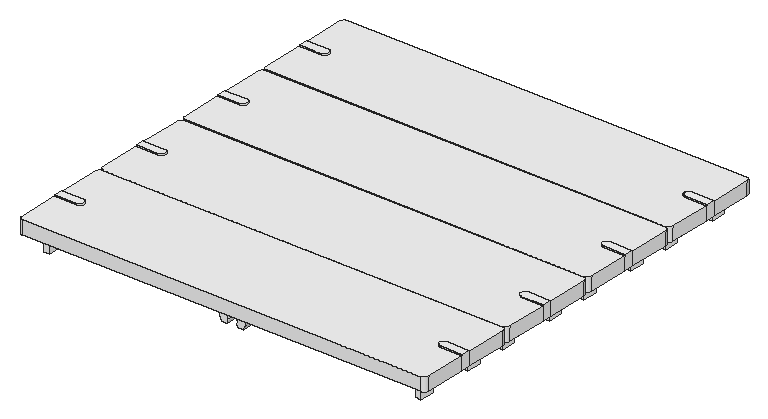
Revit family "Gira_502405", category Electrical Fixtures, host Face, Revit 2017
Family settings
  Host = Face
  Maintain Annotation Orientation = No
  Round Connector Dimension = Use Diameter
  Part Type = Normal
  Cut with Voids When Loaded = No
  Shared = No
  Room Calculation Point = No
Parameters (values of type "rocker set 4-g PB sens.4 TS4 black gl.")
  URL = "https://www.gira.de/"
  Type Comments = ""
  Transparent = no
  Radio frequent bidirectional = no
  Model = ""
  Material = "Glass"
  Manufacturer = "Gira"
  Keynote = ""
  HeinzeBIM = "https://www.heinze.de/bim/rocker-set-4-g-pb-sens-4-ts4-black-gl-/4042dde876fe70de7bac6262c9cebf46a26792fb"
  HAN = "502405"
  GTIN = "4010337071488"
  Description = ""
  Default Elevation = 1219.2 mm
  Cost = 0
  Colour = "Black"
  BIMSITE_PRODUCT_ID = "4042dde876fe70de7bac6262c9cebf46a26792fb"
  BIM = "https://media.live.bim.site/t/eyJhbGciOiJIUzI1NiIsInR5cCI6IkpXVCJ9.eyJjdCI6MSwidGYiOiJwdWJsaWMvZ2lyYS8wOWY1ZGI1LzQwXzUwMjEwMCBUUzQgV2lwcGVuc2V0IDRmYWNoLnJmYSIsImNpZCI6ImZlZDk4ZTlhLTFiZDgtNGM2OC1hNzNiLTc0YTk0ZTMxNTgyMyIsInJpZCI6IjVlMWI5NjE0YmQ5NWE2NTY3NjNjYjQ0MmI4ZDE3ZDhhIiwicGlkIjoiNDA0MmRkZTg3NmZlNzBkZTdiYWM2MjYyYzljZWJmNDZhMjY3OTJmYiIsInNpZCI6IjYzNDcwIiwidXQiOjUsImxjIjoiZW4iLCJpYXQiOjE2MDc0MzkyOTcsImlzcyI6Imh0dHBzOi8vYXBpLmxpdmUuYmltLnNpdGUiLCJzdWIiOiI4ZDNhYTVjYi1lMDY2LTQ1OTgtYmUxNi02ZTE2ZWU3NDk1NmEifQ.ggtu68AwTzir8W6oU392dYLGttpVCvtufpzteHjpS1c/40_502100 TS4 Wippenset 4fach.rfa"
  Assembly Code = ""
Reference planes
  plane 1 "Center (Front/Back)": y = 0
  plane 2: z = 0
  plane 3 "Center (Left/Right)": x = 0
Dimensions and locks
  aligned and locked: plane 2 to host face
  aligned and locked: level to host face
Nested families
  nested 1: "40_502100 TS4 Wippenset 4fach" at (0, 0, 0), type "40_502100 TS4 Wippenset 4fach"
Definition of nested family "40_502100 TS4 Wippenset 4fach"
  Parameters
    White = none
  Reference planes
    plane 1 "Center (Front/Back)": y = 0
    plane 2: z = 0
    plane 3 "Center (Left/Right)": x = 0
  Forms (mm)
    Extrusion 1, solid, material <- "White", detail levels fine
      sketch origin (0, 0, 0) x (1, 0, 0) y (0, 1, 0)
        loop
          arc (-46.5, 47.5) -> (-47.207, 47.207) -> (-47.5, 46.5) r 1
          line (-47.5, 46.5) -> (-47.5, 36.7) -> (-42.5, 36.7)
          arc (-42.5, 36.7) -> (-41.5, 35.7) -> (-42.5, 34.7) r 1
          line (-42.5, 34.7) -> (-47.5, 34.7) -> (-47.5, 24.95)
          arc (-47.5, 24.95) -> (-47.207, 24.243) -> (-46.5, 23.95) r 1
          line (-46.5, 23.95) -> (46.5, 23.95)
          arc (46.5, 23.95) -> (47.207, 24.243) -> (47.5, 24.95) r 1
          line (47.5, 24.95) -> (47.5, 34.7) -> (42.5, 34.7)
          arc (42.5, 34.7) -> (41.5, 35.7) -> (42.5, 36.7) r 1
          line (42.5, 36.7) -> (47.5, 36.7) -> (47.5, 46.5)
          arc (47.5, 46.5) -> (47.207, 47.207) -> (46.5, 47.5) r 1
          line (46.5, 47.5) -> (-46.5, 47.5)
      from 0 to 3.1
    Extrusion 2, solid, material <- "White", detail levels fine
      sketch origin (0, 0, 0) x (1, 0, 0) y (0, 1, 0)
        loop
          line (43.976, 44.188) -> (-43.976, 44.188) -> (-43.976, 27.198) -> (43.976, 27.198) -> (43.976, 44.188)
      from 0 to -1.5
    Extrusion 3, solid, detail levels fine
      sketch origin (0, 0, 0) x (1, 0, 0) y (0, 0, -1)
        loop
          line (-1.639, 4) -> (-2.5, 4) -> (-3.5, 1.5) -> (3.5, 1.5) -> (2.5, 4) -> (1.639, 4)
          arc (1.639, 4) -> (1.115, 3.694) -> (1.122, 3.087) r 0.603
          arc (1.122, 3.087) -> (-0.011, 1.666) -> (-1.122, 3.087) r 1.145
          arc (-1.122, 3.087) -> (-1.115, 3.694) -> (-1.639, 4) r 0.603
      from 41.985 to 44.199
    Extrusion 4, solid, material <- "White", detail levels medium
      sketch origin (0, 0, 0) x (1, 0, 0) y (0, 1, 0)
        loop
          line (43.976, 44.188) -> (-43.976, 44.188) -> (-43.976, 27.198) -> (43.976, 27.198) -> (43.976, 44.188)
      from 0 to -4
    Extrusion 5, solid, material <- "White", detail levels medium
      sketch origin (0, 0, 0) x (1, 0, 0) y (0, 1, 0)
        loop
          line (-47.5, 47.5) -> (-47.5, 23.95) -> (47.5, 23.95) -> (47.5, 47.5) -> (-47.5, 47.5)
      from 0 to 3.3
    Extrusion 6, solid, material <- "White", detail levels fine
      sketch origin (0, 0, 0) x (1, 0, 0) y (0, 1, 0)
        loop
          line (-43.976, 44.188) -> (-43.976, 40.908) -> (-42.655, 40.908) -> (-42.655, 44.188) -> (-43.976, 44.188)
        loop
          line (43.976, 44.188) -> (42.655, 44.188) -> (42.655, 40.908) -> (43.976, 40.908) -> (43.976, 44.188)
        loop
          line (-43.976, 27.198) -> (-42.655, 27.198) -> (-42.655, 30.479) -> (-43.976, 30.479) -> (-43.976, 27.198)
        loop
          line (43.976, 27.198) -> (43.976, 30.479) -> (42.655, 30.479) -> (42.655, 27.198) -> (43.976, 27.198)
      from 0 to -4
    Extrusion 7, solid, detail levels fine
      sketch origin (0, 35.7, 0) x (1, 0, 0) y (0, 1, 0)
        loop
          line (-47.5, 1) -> (-47.5, -1) -> (-42.5, -1)
          arc (-42.5, -1) -> (-41.5, 0) -> (-42.5, 1) r 1
          line (-42.5, 1) -> (-47.5, 1)
        loop
          line (47.5, 1) -> (42.5, 1)
          arc (42.5, 1) -> (41.5, 0) -> (42.5, -1) r 1
          line (42.5, -1) -> (47.5, -1) -> (47.5, 1)
      from 0 to 3.3
    Extrusion 8, solid, detail levels coarse
      sketch origin (0, 0, 0) x (1, 0, 0) y (0, 1, 0)
        loop
          line (-47.5, 47.5) -> (-47.5, -47.45) -> (47.5, -47.45) -> (47.5, 47.5) -> (-47.5, 47.5)
      from -4 to 3.3
    Extrusion 9, solid, material <- "White", detail levels fine
      sketch origin (0, 35.735, 0) x (1, 0, 0) y (0, 1, 0)
        loop
          line (-41.852, 6.181) -> (-43.976, 4.461) -> (-43.976, -4.461) -> (-41.852, -6.181)
          arc (-41.852, -6.181) -> (-38.884, -6.014) -> (-38.763, -3.043) r 2.212
          line (-38.763, -3.043) -> (-38.763, 3.043)
          arc (-38.763, 3.043) -> (-38.884, 6.014) -> (-41.852, 6.181) r 2.212
        loop
          arc (-39.415, 3.847) -> (-39.669, 5.38) -> (-41.223, 5.404) r 1.212
          line (-41.223, 5.404) -> (-42.938, 4.015) -> (-40.57, 1.883) -> (-39.415, 3.847)
        loop
          line (-39.415, -3.847) -> (-40.57, -1.883) -> (-42.938, -4.015) -> (-41.223, -5.404)
          arc (-41.223, -5.404) -> (-39.669, -5.38) -> (-39.415, -3.847) r 1.212
        loop
          arc (41.852, 6.181) -> (38.884, 6.014) -> (38.763, 3.043) r 2.212
          line (38.763, 3.043) -> (38.763, -3.043)
          arc (38.763, -3.043) -> (38.884, -6.014) -> (41.852, -6.181) r 2.212
          line (41.852, -6.181) -> (43.976, -4.461) -> (43.976, 4.461) -> (41.852, 6.181)
        loop
          line (39.415, 3.847) -> (40.57, 1.883) -> (42.938, 4.015) -> (41.223, 5.404)
          arc (41.223, 5.404) -> (39.669, 5.38) -> (39.415, 3.847) r 1.212
        loop
          arc (39.415, -3.847) -> (39.669, -5.38) -> (41.223, -5.404) r 1.212
          line (41.223, -5.404) -> (42.938, -4.015) -> (40.57, -1.883) -> (39.415, -3.847)
      from 0 to -3.1
    Extrusion 10, solid, material <- "White", detail levels fine
      sketch origin (0, -23.8, 0) x (1, 0, 0) y (0, 1, 0)
        loop
          arc (-46.5, 47.5) -> (-47.207, 47.207) -> (-47.5, 46.5) r 1
          line (-47.5, 46.5) -> (-47.5, 36.7) -> (-42.5, 36.7)
          arc (-42.5, 36.7) -> (-41.5, 35.7) -> (-42.5, 34.7) r 1
          line (-42.5, 34.7) -> (-47.5, 34.7) -> (-47.5, 24.95)
          arc (-47.5, 24.95) -> (-47.207, 24.243) -> (-46.5, 23.95) r 1
          line (-46.5, 23.95) -> (46.5, 23.95)
          arc (46.5, 23.95) -> (47.207, 24.243) -> (47.5, 24.95) r 1
          line (47.5, 24.95) -> (47.5, 34.7) -> (42.5, 34.7)
          arc (42.5, 34.7) -> (41.5, 35.7) -> (42.5, 36.7) r 1
          line (42.5, 36.7) -> (47.5, 36.7) -> (47.5, 46.5)
          arc (47.5, 46.5) -> (47.207, 47.207) -> (46.5, 47.5) r 1
          line (46.5, 47.5) -> (-46.5, 47.5)
      from 0 to 3.1
    Extrusion 11, solid, material <- "White", detail levels fine
      sketch origin (0, -23.8, 0) x (1, 0, 0) y (0, 1, 0)
        loop
          line (43.976, 44.188) -> (-43.976, 44.188) -> (-43.976, 27.198) -> (43.976, 27.198) -> (43.976, 44.188)
      from 0 to -1.5
    Extrusion 12, solid, detail levels fine
      sketch origin (0, -23.8, 0) x (1, 0, 0) y (0, 0, -1)
        loop
          line (-1.639, 4) -> (-2.5, 4) -> (-3.5, 1.5) -> (3.5, 1.5) -> (2.5, 4) -> (1.639, 4)
          arc (1.639, 4) -> (1.115, 3.694) -> (1.122, 3.087) r 0.603
          arc (1.122, 3.087) -> (-0.011, 1.666) -> (-1.122, 3.087) r 1.145
          arc (-1.122, 3.087) -> (-1.115, 3.694) -> (-1.639, 4) r 0.603
      from 41.985 to 44.199
    Extrusion 13, solid, material <- "White", detail levels medium
      sketch origin (0, -23.8, 0) x (1, 0, 0) y (0, 1, 0)
        loop
          line (43.976, 44.188) -> (-43.976, 44.188) -> (-43.976, 27.198) -> (43.976, 27.198) -> (43.976, 44.188)
      from 0 to -4
    Extrusion 14, solid, material <- "White", detail levels medium
      sketch origin (0, -23.8, 0) x (1, 0, 0) y (0, 1, 0)
        loop
          line (-47.5, 47.5) -> (-47.5, 23.95) -> (47.5, 23.95) -> (47.5, 47.5) -> (-47.5, 47.5)
      from 0 to 3.3
    Extrusion 15, solid, material <- "White", detail levels fine
      sketch origin (0, -23.8, 0) x (1, 0, 0) y (0, 1, 0)
        loop
          line (-43.976, 44.188) -> (-43.976, 40.908) -> (-42.655, 40.908) -> (-42.655, 44.188) -> (-43.976, 44.188)
        loop
          line (43.976, 44.188) -> (42.655, 44.188) -> (42.655, 40.908) -> (43.976, 40.908) -> (43.976, 44.188)
        loop
          line (-43.976, 27.198) -> (-42.655, 27.198) -> (-42.655, 30.479) -> (-43.976, 30.479) -> (-43.976, 27.198)
        loop
          line (43.976, 27.198) -> (43.976, 30.479) -> (42.655, 30.479) -> (42.655, 27.198) -> (43.976, 27.198)
      from 0 to -4
    Extrusion 16, solid, detail levels fine
      sketch origin (0, 11.9, 0) x (1, 0, 0) y (0, 1, 0)
        loop
          line (-47.5, 1) -> (-47.5, -1) -> (-42.5, -1)
          arc (-42.5, -1) -> (-41.5, 0) -> (-42.5, 1) r 1
          line (-42.5, 1) -> (-47.5, 1)
        loop
          line (47.5, 1) -> (42.5, 1)
          arc (42.5, 1) -> (41.5, 0) -> (42.5, -1) r 1
          line (42.5, -1) -> (47.5, -1) -> (47.5, 1)
      from 0 to 3.3
    Extrusion 17, solid, material <- "White", detail levels fine
      sketch origin (0, 11.935, 0) x (1, 0, 0) y (0, 1, 0)
        loop
          line (-41.852, 6.181) -> (-43.976, 4.461) -> (-43.976, -4.461) -> (-41.852, -6.181)
          arc (-41.852, -6.181) -> (-38.884, -6.014) -> (-38.763, -3.043) r 2.212
          line (-38.763, -3.043) -> (-38.763, 3.043)
          arc (-38.763, 3.043) -> (-38.884, 6.014) -> (-41.852, 6.181) r 2.212
        loop
          arc (-39.415, 3.847) -> (-39.669, 5.38) -> (-41.223, 5.404) r 1.212
          line (-41.223, 5.404) -> (-42.938, 4.015) -> (-40.57, 1.883) -> (-39.415, 3.847)
        loop
          line (-39.415, -3.847) -> (-40.57, -1.883) -> (-42.938, -4.015) -> (-41.223, -5.404)
          arc (-41.223, -5.404) -> (-39.669, -5.38) -> (-39.415, -3.847) r 1.212
        loop
          arc (41.852, 6.181) -> (38.884, 6.014) -> (38.763, 3.043) r 2.212
          line (38.763, 3.043) -> (38.763, -3.043)
          arc (38.763, -3.043) -> (38.884, -6.014) -> (41.852, -6.181) r 2.212
          line (41.852, -6.181) -> (43.976, -4.461) -> (43.976, 4.461) -> (41.852, 6.181)
        loop
          line (39.415, 3.847) -> (40.57, 1.883) -> (42.938, 4.015) -> (41.223, 5.404)
          arc (41.223, 5.404) -> (39.669, 5.38) -> (39.415, 3.847) r 1.212
        loop
          arc (39.415, -3.847) -> (39.669, -5.38) -> (41.223, -5.404) r 1.212
          line (41.223, -5.404) -> (42.938, -4.015) -> (40.57, -1.883) -> (39.415, -3.847)
      from 0 to -3.1
    Extrusion 18, solid, material <- "White", detail levels fine
      sketch origin (0, -47.65, 0) x (1, 0, 0) y (0, 1, 0)
        loop
          arc (-46.5, 47.5) -> (-47.207, 47.207) -> (-47.5, 46.5) r 1
          line (-47.5, 46.5) -> (-47.5, 36.7) -> (-42.5, 36.7)
          arc (-42.5, 36.7) -> (-41.5, 35.7) -> (-42.5, 34.7) r 1
          line (-42.5, 34.7) -> (-47.5, 34.7) -> (-47.5, 24.95)
          arc (-47.5, 24.95) -> (-47.207, 24.243) -> (-46.5, 23.95) r 1
          line (-46.5, 23.95) -> (46.5, 23.95)
          arc (46.5, 23.95) -> (47.207, 24.243) -> (47.5, 24.95) r 1
          line (47.5, 24.95) -> (47.5, 34.7) -> (42.5, 34.7)
          arc (42.5, 34.7) -> (41.5, 35.7) -> (42.5, 36.7) r 1
          line (42.5, 36.7) -> (47.5, 36.7) -> (47.5, 46.5)
          arc (47.5, 46.5) -> (47.207, 47.207) -> (46.5, 47.5) r 1
          line (46.5, 47.5) -> (-46.5, 47.5)
      from 0 to 3.1
    Extrusion 19, solid, material <- "White", detail levels fine
      sketch origin (0, -47.65, 0) x (1, 0, 0) y (0, 1, 0)
        loop
          line (43.976, 44.188) -> (-43.976, 44.188) -> (-43.976, 27.198) -> (43.976, 27.198) -> (43.976, 44.188)
      from 0 to -1.5
    Extrusion 20, solid, detail levels fine
      sketch origin (0, -47.65, 0) x (1, 0, 0) y (0, 0, -1)
        loop
          line (-1.639, 4) -> (-2.5, 4) -> (-3.5, 1.5) -> (3.5, 1.5) -> (2.5, 4) -> (1.639, 4)
          arc (1.639, 4) -> (1.115, 3.694) -> (1.122, 3.087) r 0.603
          arc (1.122, 3.087) -> (-0.011, 1.666) -> (-1.122, 3.087) r 1.145
          arc (-1.122, 3.087) -> (-1.115, 3.694) -> (-1.639, 4) r 0.603
      from 41.985 to 44.199
    Extrusion 21, solid, material <- "White", detail levels medium
      sketch origin (0, -47.65, 0) x (1, 0, 0) y (0, 1, 0)
        loop
          line (43.976, 44.188) -> (-43.976, 44.188) -> (-43.976, 27.198) -> (43.976, 27.198) -> (43.976, 44.188)
      from 0 to -4
    Extrusion 22, solid, material <- "White", detail levels medium
      sketch origin (0, -47.65, 0) x (1, 0, 0) y (0, 1, 0)
        loop
          line (-47.5, 47.5) -> (-47.5, 23.95) -> (47.5, 23.95) -> (47.5, 47.5) -> (-47.5, 47.5)
      from 0 to 3.3
    Extrusion 23, solid, material <- "White", detail levels fine
      sketch origin (0, -47.65, 0) x (1, 0, 0) y (0, 1, 0)
        loop
          line (-43.976, 44.188) -> (-43.976, 40.908) -> (-42.655, 40.908) -> (-42.655, 44.188) -> (-43.976, 44.188)
        loop
          line (43.976, 44.188) -> (42.655, 44.188) -> (42.655, 40.908) -> (43.976, 40.908) -> (43.976, 44.188)
        loop
          line (-43.976, 27.198) -> (-42.655, 27.198) -> (-42.655, 30.479) -> (-43.976, 30.479) -> (-43.976, 27.198)
        loop
          line (43.976, 27.198) -> (43.976, 30.479) -> (42.655, 30.479) -> (42.655, 27.198) -> (43.976, 27.198)
      from 0 to -4
    Extrusion 24, solid, detail levels fine
      sketch origin (0, -11.95, 0) x (1, 0, 0) y (0, 1, 0)
        loop
          line (-47.5, 1) -> (-47.5, -1) -> (-42.5, -1)
          arc (-42.5, -1) -> (-41.5, 0) -> (-42.5, 1) r 1
          line (-42.5, 1) -> (-47.5, 1)
        loop
          line (47.5, 1) -> (42.5, 1)
          arc (42.5, 1) -> (41.5, 0) -> (42.5, -1) r 1
          line (42.5, -1) -> (47.5, -1) -> (47.5, 1)
      from 0 to 3.3
    Extrusion 25, solid, material <- "White", detail levels fine
      sketch origin (0, -11.915, 0) x (1, 0, 0) y (0, 1, 0)
        loop
          line (-41.852, 6.181) -> (-43.976, 4.461) -> (-43.976, -4.461) -> (-41.852, -6.181)
          arc (-41.852, -6.181) -> (-38.884, -6.014) -> (-38.763, -3.043) r 2.212
          line (-38.763, -3.043) -> (-38.763, 3.043)
          arc (-38.763, 3.043) -> (-38.884, 6.014) -> (-41.852, 6.181) r 2.212
        loop
          arc (-39.415, 3.847) -> (-39.669, 5.38) -> (-41.223, 5.404) r 1.212
          line (-41.223, 5.404) -> (-42.938, 4.015) -> (-40.57, 1.883) -> (-39.415, 3.847)
        loop
          line (-39.415, -3.847) -> (-40.57, -1.883) -> (-42.938, -4.015) -> (-41.223, -5.404)
          arc (-41.223, -5.404) -> (-39.669, -5.38) -> (-39.415, -3.847) r 1.212
        loop
          arc (41.852, 6.181) -> (38.884, 6.014) -> (38.763, 3.043) r 2.212
          line (38.763, 3.043) -> (38.763, -3.043)
          arc (38.763, -3.043) -> (38.884, -6.014) -> (41.852, -6.181) r 2.212
          line (41.852, -6.181) -> (43.976, -4.461) -> (43.976, 4.461) -> (41.852, 6.181)
        loop
          line (39.415, 3.847) -> (40.57, 1.883) -> (42.938, 4.015) -> (41.223, 5.404)
          arc (41.223, 5.404) -> (39.669, 5.38) -> (39.415, 3.847) r 1.212
        loop
          arc (39.415, -3.847) -> (39.669, -5.38) -> (41.223, -5.404) r 1.212
          line (41.223, -5.404) -> (42.938, -4.015) -> (40.57, -1.883) -> (39.415, -3.847)
      from 0 to -3.1
    Extrusion 26, solid, material <- "White", detail levels fine
      sketch origin (0, -71.4, 0) x (1, 0, 0) y (0, 1, 0)
        loop
          arc (-46.5, 47.5) -> (-47.207, 47.207) -> (-47.5, 46.5) r 1
          line (-47.5, 46.5) -> (-47.5, 36.7) -> (-42.5, 36.7)
          arc (-42.5, 36.7) -> (-41.5, 35.7) -> (-42.5, 34.7) r 1
          line (-42.5, 34.7) -> (-47.5, 34.7) -> (-47.5, 24.95)
          arc (-47.5, 24.95) -> (-47.207, 24.243) -> (-46.5, 23.95) r 1
          line (-46.5, 23.95) -> (46.5, 23.95)
          arc (46.5, 23.95) -> (47.207, 24.243) -> (47.5, 24.95) r 1
          line (47.5, 24.95) -> (47.5, 34.7) -> (42.5, 34.7)
          arc (42.5, 34.7) -> (41.5, 35.7) -> (42.5, 36.7) r 1
          line (42.5, 36.7) -> (47.5, 36.7) -> (47.5, 46.5)
          arc (47.5, 46.5) -> (47.207, 47.207) -> (46.5, 47.5) r 1
          line (46.5, 47.5) -> (-46.5, 47.5)
      from 0 to 3.1
    Extrusion 27, solid, material <- "White", detail levels fine
      sketch origin (0, -71.4, 0) x (1, 0, 0) y (0, 1, 0)
        loop
          line (43.976, 44.188) -> (-43.976, 44.188) -> (-43.976, 27.198) -> (43.976, 27.198) -> (43.976, 44.188)
      from 0 to -1.5
    Extrusion 28, solid, detail levels fine
      sketch origin (0, -71.4, 0) x (1, 0, 0) y (0, 0, -1)
        loop
          line (-1.639, 4) -> (-2.5, 4) -> (-3.5, 1.5) -> (3.5, 1.5) -> (2.5, 4) -> (1.639, 4)
          arc (1.639, 4) -> (1.115, 3.694) -> (1.122, 3.087) r 0.603
          arc (1.122, 3.087) -> (-0.011, 1.666) -> (-1.122, 3.087) r 1.145
          arc (-1.122, 3.087) -> (-1.115, 3.694) -> (-1.639, 4) r 0.603
      from 41.985 to 44.199
    Extrusion 29, solid, material <- "White", detail levels medium
      sketch origin (0, -71.4, 0) x (1, 0, 0) y (0, 1, 0)
        loop
          line (43.976, 44.188) -> (-43.976, 44.188) -> (-43.976, 27.198) -> (43.976, 27.198) -> (43.976, 44.188)
      from 0 to -4
    Extrusion 30, solid, material <- "White", detail levels medium
      sketch origin (0, -71.4, 0) x (1, 0, 0) y (0, 1, 0)
        loop
          line (-47.5, 47.5) -> (-47.5, 23.95) -> (47.5, 23.95) -> (47.5, 47.5) -> (-47.5, 47.5)
      from 0 to 3.3
    Extrusion 31, solid, material <- "White", detail levels fine
      sketch origin (0, -71.4, 0) x (1, 0, 0) y (0, 1, 0)
        loop
          line (-43.976, 44.188) -> (-43.976, 40.908) -> (-42.655, 40.908) -> (-42.655, 44.188) -> (-43.976, 44.188)
        loop
          line (43.976, 44.188) -> (42.655, 44.188) -> (42.655, 40.908) -> (43.976, 40.908) -> (43.976, 44.188)
        loop
          line (-43.976, 27.198) -> (-42.655, 27.198) -> (-42.655, 30.479) -> (-43.976, 30.479) -> (-43.976, 27.198)
        loop
          line (43.976, 27.198) -> (43.976, 30.479) -> (42.655, 30.479) -> (42.655, 27.198) -> (43.976, 27.198)
      from 0 to -4
    Extrusion 32, solid, detail levels fine
      sketch origin (0, -35.7, 0) x (1, 0, 0) y (0, 1, 0)
        loop
          line (-47.5, 1) -> (-47.5, -1) -> (-42.5, -1)
          arc (-42.5, -1) -> (-41.5, 0) -> (-42.5, 1) r 1
          line (-42.5, 1) -> (-47.5, 1)
        loop
          line (47.5, 1) -> (42.5, 1)
          arc (42.5, 1) -> (41.5, 0) -> (42.5, -1) r 1
          line (42.5, -1) -> (47.5, -1) -> (47.5, 1)
      from 0 to 3.3
    Extrusion 33, solid, material <- "White", detail levels fine
      sketch origin (0, -35.665, 0) x (1, 0, 0) y (0, 1, 0)
        loop
          line (-41.852, 6.181) -> (-43.976, 4.461) -> (-43.976, -4.461) -> (-41.852, -6.181)
          arc (-41.852, -6.181) -> (-38.884, -6.014) -> (-38.763, -3.043) r 2.212
          line (-38.763, -3.043) -> (-38.763, 3.043)
          arc (-38.763, 3.043) -> (-38.884, 6.014) -> (-41.852, 6.181) r 2.212
        loop
          arc (-39.415, 3.847) -> (-39.669, 5.38) -> (-41.223, 5.404) r 1.212
          line (-41.223, 5.404) -> (-42.938, 4.015) -> (-40.57, 1.883) -> (-39.415, 3.847)
        loop
          line (-39.415, -3.847) -> (-40.57, -1.883) -> (-42.938, -4.015) -> (-41.223, -5.404)
          arc (-41.223, -5.404) -> (-39.669, -5.38) -> (-39.415, -3.847) r 1.212
        loop
          arc (41.852, 6.181) -> (38.884, 6.014) -> (38.763, 3.043) r 2.212
          line (38.763, 3.043) -> (38.763, -3.043)
          arc (38.763, -3.043) -> (38.884, -6.014) -> (41.852, -6.181) r 2.212
          line (41.852, -6.181) -> (43.976, -4.461) -> (43.976, 4.461) -> (41.852, 6.181)
        loop
          line (39.415, 3.847) -> (40.57, 1.883) -> (42.938, 4.015) -> (41.223, 5.404)
          arc (41.223, 5.404) -> (39.669, 5.38) -> (39.415, 3.847) r 1.212
        loop
          arc (39.415, -3.847) -> (39.669, -5.38) -> (41.223, -5.404) r 1.212
          line (41.223, -5.404) -> (42.938, -4.015) -> (40.57, -1.883) -> (39.415, -3.847)
      from 0 to -3.1
    Extrusion 34, solid, detail levels fine
      sketch origin (0, 71.387, 0) x (1, 0, 0) y (0, 0, 1)
        loop
          arc (-1.639, -4) -> (-1.115, -3.694) -> (-1.122, -3.087) r 0.603
          arc (-1.122, -3.087) -> (-0.011, -1.666) -> (1.122, -3.087) r 1.145
          arc (1.122, -3.087) -> (1.115, -3.694) -> (1.639, -4) r 0.603
          line (1.639, -4) -> (2.5, -4) -> (3.5, -1.5) -> (-3.5, -1.5) -> (-2.5, -4) -> (-1.639, -4)
      from 41.985 to 44.199
    Extrusion 35, solid, detail levels fine
      sketch origin (0, 47.597, 0) x (1, 0, 0) y (0, 0, 1)
        loop
          arc (-1.639, -4) -> (-1.115, -3.694) -> (-1.122, -3.087) r 0.603
          arc (-1.122, -3.087) -> (-0.011, -1.666) -> (1.122, -3.087) r 1.145
          arc (1.122, -3.087) -> (1.115, -3.694) -> (1.639, -4) r 0.603
          line (1.639, -4) -> (2.5, -4) -> (3.5, -1.5) -> (-3.5, -1.5) -> (-2.5, -4) -> (-1.639, -4)
      from 41.985 to 44.199
    Extrusion 36, solid, detail levels fine
      sketch origin (0, 23.747, 0) x (1, 0, 0) y (0, 0, 1)
        loop
          arc (-1.639, -4) -> (-1.115, -3.694) -> (-1.122, -3.087) r 0.603
          arc (-1.122, -3.087) -> (-0.011, -1.666) -> (1.122, -3.087) r 1.145
          arc (1.122, -3.087) -> (1.115, -3.694) -> (1.639, -4) r 0.603
          line (1.639, -4) -> (2.5, -4) -> (3.5, -1.5) -> (-3.5, -1.5) -> (-2.5, -4) -> (-1.639, -4)
      from 41.985 to 44.199
    Extrusion 37, solid, detail levels fine
      sketch origin (0, -0.003, 0) x (1, 0, 0) y (0, 0, 1)
        loop
          arc (-1.639, -4) -> (-1.115, -3.694) -> (-1.122, -3.087) r 0.603
          arc (-1.122, -3.087) -> (-0.011, -1.666) -> (1.122, -3.087) r 1.145
          arc (1.122, -3.087) -> (1.115, -3.694) -> (1.639, -4) r 0.603
          line (1.639, -4) -> (2.5, -4) -> (3.5, -1.5) -> (-3.5, -1.5) -> (-2.5, -4) -> (-1.639, -4)
      from 41.985 to 44.199
  Cuts and joins
    joined: Extrusion 2, Extrusion 6, Extrusion 9
  Dimensions and locks
    aligned and locked: level to plane 2
